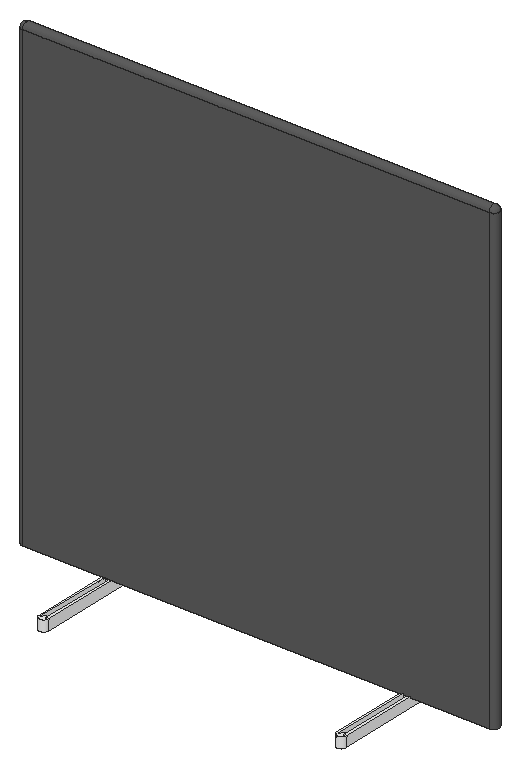
Revit family "Screen-Teknion-STSD_Full_Upholstery-R2011", category Furniture Systems, Revit 2013
Parameters (values of type "48" x 48"")
  Width = 48"  # constant formula
  Warranty = "http://www.teknionstudio.com/pdfs/Teknion%20Studio%20Warranty.pdf"
  Upholstery Finish [instance] = Fabric - Teknion - M142 - Magnify
  Unit Weight = 25.00 lbf
  URL = "www.teknionstudio.com"
  Low Emitting Material = yes
  Low Emitting Finish = yes
  Series = "Teknion Studio"
  Product Page URL = "http://teknionstudio.com/teknionstudio/"
  Product Line = "Screen"
  Product Documentation Link = "http://www.teknionstudio.com/pricing/STSD_ppg.pdf"
  Part Number = "STSD"
  Model = "STSDA4848"
  Manufacturer Phone = "919-464-2920"
  Manufacturer Fax = "919-464-2927"
  Manufacturer Email = "customersupport@teknionstudio.com"
  Manufacturer Address = "3941 US 70 Business HWY West, Clayton, NC 27520"
  Manufacturer = "Teknion Studio"  # constant formula
  Height = 48"
  Description = "Studio Screen, Full Upholstery, 48\"h x 48\"w"
  Depth = 18"  # constant formula
  Assembly Code = "E2020200"
Types (4): name | Unit Weight | Model | Height | Description
  (no name) | 25.00 lbf | "STSDA4848" | 48" | "Studio Screen, Full Upholstery, 48\"h x 48\"w"
  48" x 48" | 25.00 lbf | "STSDA4848" | 48" | "Studio Screen, Full Upholstery, 48\"h x 48\"w"
  48" x 51" | 26.00 lbf | "STSDA5148" | 51" | "Studio Screen, Full Upholstery, 51\"h x 48\"w"
  48" x 66" | 29.00 lbf | "STSDA6648" | 66" | "Studio Screen, Full Upholstery, 66\"h x 48\"w"
Reference planes (in)
  plane 1 "Center F/B": y = 0
  plane 2: z = 0
  plane 3 "Center L/R": x = 0
  plane 4 "Back": y = 9
  plane 5 "Front": y = -9
  plane 6 "Top": z = 48
  plane 7: z = 1
  plane 8 "Left": x = -24
  plane 9 "Right": x = 24
  plane 10 "R": x = 23.4685
  plane 11 "L": x = -23.4685
  plane 12 "Panel Back": y = 0.5315
  plane 13 "Panel Front": y = -0.5315
Forms (in)
  Sweep 1, solid, material "Fabric - Teknion - M142 - Magnify" <- "Upholstery Finish"
    path origin (0, -9, 0) x (1, 0, 0) y (0, 0, 1)
      loop
        line (0, 1) -> (0, 47.469)
    profile origin (0, -9, 24.2345) x (-1, 0, 0) y (0, -1, 0)
      loop
        arc (23.4685, -9.5315) -> (24, -9) -> (23.4685, -8.4685) r 0.5315
        line (23.4685, -8.4685) -> (-23.4685, -8.4685)
        arc (-23.4685, -8.4685) -> (-24, -9) -> (-23.4685, -9.5315) r 0.5315
        line (-23.4685, -9.5315) -> (23.4685, -9.5315)
  Sweep 2, solid, material "Fabric - Teknion - M142 - Magnify" <- "Upholstery Finish"
    path origin (0, 0, 15.40683) x (-1, 0, 0) y (0, -1, 0)
      loop
        line (23.4685, 0) -> (-23.4685, 0)
    profile origin (0, 0, 15.40683) x (0, 1, 0) y (0, 0, 1)
      loop
        arc (0.5315, 32.06217) -> (0, 32.59366) -> (-0.5315, 32.06217) r 0.5315
        line (-0.5315, 32.06217) -> (0.5315, 32.06217)
  Revolve 3, solid, material "Fabric - Teknion - M142 - Magnify" <- "Upholstery Finish"
    sketch origin (23.4685, 0, 0) x (0, 1, 0) y (0, 0, 1)
      loop
        line (-0.5315, 47.469) -> (0.5315, 47.469)
        arc (0.5315, 47.469) -> (0, 48.0005) -> (-0.5315, 47.469) r 0.5315
      axis (0.5315, 47.469) -> (-0.5315, 47.469)
    angle from 0 to 360
  Sweep 4, solid, material "Metal - Teknion - C6 - Chrome"
    path origin (0, -9, 0) x (1, 0, 0) y (0, 0, 1)
      loop
        line (0, 0) -> (0, 1)
    profile origin (0, -9, 0.5) x (-1, 0, 0) y (0, -1, 0)
      loop
        arc (-15.48425, -17.50025) -> (-14.98425, -18.00025) -> (-14.48425, -17.50025) r 0.5
        line (-14.48425, -17.50025) -> (-14.48425, -0.49975)
        arc (-14.48425, -0.49975) -> (-14.98425, 0.00025) -> (-15.48425, -0.49975) r 0.5
        line (-15.48425, -0.49975) -> (-15.48425, -17.50025)
      loop
        line (-15.24016, -9.53174) -> (-15.24016, -17.50025)
        arc (-15.24016, -17.50025) -> (-14.98425, -17.24434) -> (-14.72835, -17.50025) r 0.25591
        line (-14.72835, -17.50025) -> (-14.72835, -9.53174) -> (-15.24016, -9.53174)
      loop
        line (-14.72835, -8.46875) -> (-14.72835, -0.49975)
        arc (-14.72835, -0.49975) -> (-14.98425, -0.75566) -> (-15.24016, -0.49975) r 0.25591
        line (-15.24016, -0.49975) -> (-15.24016, -8.46875) -> (-14.72835, -8.46875)
      loop
        arc (14.48425, -17.50025) -> (14.98425, -18.00025) -> (15.48425, -17.50025) r 0.5
        line (15.48425, -17.50025) -> (15.48425, -0.49975)
        arc (15.48425, -0.49975) -> (14.98425, 0.00025) -> (14.48425, -0.49975) r 0.5
        line (14.48425, -0.49975) -> (14.48425, -17.50025)
      loop
        line (14.72835, -9.53174) -> (14.72835, -17.50025)
        arc (14.72835, -17.50025) -> (14.98425, -17.24434) -> (15.24016, -17.50025) r 0.25591
        line (15.24016, -17.50025) -> (15.24016, -9.53174) -> (14.72835, -9.53174)
      loop
        line (15.24016, -8.46875) -> (15.24016, -0.49975)
        arc (15.24016, -0.49975) -> (14.98425, -0.75566) -> (14.72835, -0.49975) r 0.25591
        line (14.72835, -0.49975) -> (14.72835, -8.46875) -> (15.24016, -8.46875)
  Revolve 5, solid, material "Fabric - Teknion - M142 - Magnify" <- "Upholstery Finish"
    sketch origin (-23.4685, 0, 0) x (0, 1, 0) y (0, 0, 1)
      loop
        line (-0.5315, 47.469) -> (0.5315, 47.469)
        arc (0.5315, 47.469) -> (0, 48.0005) -> (-0.5315, 47.469) r 0.5315
      axis (0.5315, 47.469) -> (-0.5315, 47.469)
    angle from 0 to 360
Cuts and joins
  joined: Sweep 1, Sweep 2, Revolve 3, Revolve 5
Lines and regions (in)
  Masking region 1
    outline origin (0, 0, 15.40683) x (-1, 0, 0) y (0, -1, 0)
      loop
        line (23.4685, 0.5315) -> (15.48425, 0.5315) -> (15.48425, 8.50025)
        arc (15.48425, 8.50025) -> (14.98425, 9.00025) -> (14.48425, 8.50025) r 0.5
        line (14.48425, 8.50025) -> (14.48425, 0.5315) -> (-14.48425, 0.5315) -> (-14.48425, 8.50025)
        arc (-14.48425, 8.50025) -> (-14.98425, 9.00025) -> (-15.48425, 8.50025) r 0.5
        line (-15.48425, 8.50025) -> (-15.48425, 0.5315) -> (-23.4685, 0.5315)
        arc (-23.4685, 0.5315) -> (-24, 0) -> (-23.4685, -0.5315) r 0.5315
        line (-23.4685, -0.5315) -> (-15.48425, -0.5315) -> (-15.48425, -8.50025)
        arc (-15.48425, -8.50025) -> (-14.98425, -9.00025) -> (-14.48425, -8.50025) r 0.5
        line (-14.48425, -8.50025) -> (-14.48425, -0.5315) -> (14.48425, -0.5315) -> (14.48425, -8.50025)
        arc (14.48425, -8.50025) -> (14.98425, -9.00025) -> (15.48425, -8.50025) r 0.5
        line (15.48425, -8.50025) -> (15.48425, -0.5315) -> (23.4685, -0.5315)
        arc (23.4685, -0.5315) -> (24, 0) -> (23.4685, 0.5315) r 0.5315
  symbolic lines, style "FurnitureSystems", detail levels medium+fine
    curve 1: line (-15.48425, 0.5315, 15.40683) -> (-14.48425, 0.5315, 15.40683)
    curve 2: line (-15.48425, -0.5315, 15.40683) -> (-14.48425, -0.5315, 15.40683)
    curve 3: line (14.48425, 0.5315, 15.40683) -> (15.48425, 0.5315, 15.40683)
    curve 4: line (14.48425, -0.5315, 15.40683) -> (15.48425, -0.5315, 15.40683)
  symbolic lines, style "FurnitureSystems", detail levels fine
    curve 5: line (-15.24016, 0.5315, 15.40683) -> (-15.24016, 8.50025, 15.40683)
    curve 6: arc (-15.24016, 8.50025, 15.40683) -> (-14.98425, 8.24434, 15.40683) -> (-14.72835, 8.50025, 15.40683) r 0.25591
    curve 7: line (-14.72835, 8.50025, 15.40683) -> (-14.72835, 0.5315, 15.40683)
    curve 8: line (-14.72835, -0.5315, 15.40683) -> (-14.72835, -8.50025, 15.40683)
    curve 9: arc (-14.72835, -8.50025, 15.40683) -> (-14.98425, -8.24434, 15.40683) -> (-15.24016, -8.50025, 15.40683) r 0.25591
    curve 10: line (-15.24016, -8.50025, 15.40683) -> (-15.24016, -0.5315, 15.40683)
    curve 11: line (14.72835, 0.5315, 15.40683) -> (14.72835, 8.50025, 15.40683)
    curve 12: arc (14.72835, 8.50025, 15.40683) -> (14.98425, 8.24434, 15.40683) -> (15.24016, 8.50025, 15.40683) r 0.25591
    curve 13: line (15.24016, 8.50025, 15.40683) -> (15.24016, 0.5315, 15.40683)
    curve 14: line (15.24016, -0.5315, 15.40683) -> (15.24016, -8.50025, 15.40683)
    curve 15: arc (15.24016, -8.50025, 15.40683) -> (14.98425, -8.24434, 15.40683) -> (14.72835, -8.50025, 15.40683) r 0.25591
    curve 16: line (14.72835, -8.50025, 15.40683) -> (14.72835, -0.5315, 15.40683)
Dimensions and locks (in)
  equal spacing: plane 4 "Back", plane 1 "Center F/B", plane 5 "Front"
  locked: plane 7 to plane 2 at 1
  "Width": plane 8 "Left" to plane 9 "Right"
  equal spacing: plane 8 "Left", plane 3 "Center L/R", plane 9 "Right"
  "Depth": plane 4 "Back" to plane 5 "Front"
  "Height": plane 6 "Top" to plane 2
  Sweep 1 sketch curve to plane 1 "Center F/B" to Sweep 1 sketch curve = 0.5315" locked, 0.5315" locked
  locked: plane 8 "Left" to Sweep 1 sketch curve at 0.5315
  locked: Sweep 1 sketch curve to plane 9 "Right" at 0.5315
  locked: plane 6 "Top" to Sweep 1 sketch curve at 0.531
  locked: Sweep 2 sketch curve to plane 9 "Right" at 0.5315
  locked: plane 8 "Left" to Sweep 2 sketch curve at 0.5315
  locked: plane 6 "Top" to Sweep 2 sketch curve at 0.531
  locked: plane 6 "Top" to Revolve 3 sketch curve at 0.531  (x3)
  locked: plane 8 "Left" to plane 11 "L" at 0.5315
  locked: plane 10 "R" to plane 9 "Right" at 0.5315
  locked: plane 6 "Top" to Revolve 5 sketch curve at 0.531  (x2)
  Masking region 1 sketch curve to Masking region 1 sketch curve to plane 9 "Right" = 1" locked, 8.51575" locked  (x2)
  plane 8 "Left" to Masking region 1 sketch curve to Masking region 1 sketch curve = 8.51575" locked, 1" locked  (x2)
  locked: plane 4 "Back" to Masking region 1 sketch curve at 0.49975  (x2)
  locked: plane 5 "Front" to Masking region 1 sketch curve at 0.49975  (x2)
  plane 8 "Left" to curve 5 to curve 7 = 8.75984" locked, 0.51181" locked
  plane 8 "Left" to curve 10 to curve 8 = 8.75984" locked, 0.51181" locked
  curve 16 to curve 14 to plane 9 "Right" = 0.51181" locked, 8.75984" locked
  curve 11 to curve 13 to plane 9 "Right" = 0.51181" locked, 8.75984" locked
  locked: plane 4 "Back" to curve 6 at 0.49975
  locked: plane 8 "Left" to curve 6 at 9.01575
  locked: plane 8 "Left" to curve 9 at 9.01575
  locked: plane 5 "Front" to curve 9 at 0.49975
  locked: plane 5 "Front" to curve 15 at 0.49975
  locked: plane 4 "Back" to curve 12 at 0.49975
  locked: curve 12 to plane 9 "Right" at 9.01575
  locked: curve 15 to plane 9 "Right" at 9.01575
  plane 8 "Left" to Sweep 4 sketch curve to Sweep 4 sketch curve = 8.51575" locked, 1" locked
  Sweep 4 sketch curve to Sweep 4 sketch curve to plane 9 "Right" = 1" locked, 8.51575" locked
  locked: plane 4 "Back" to Sweep 4 sketch curve at 0.49975  (x2)
  locked: plane 5 "Front" to Sweep 4 sketch curve at 0.49975  (x2)
  locked: plane 8 "Left" to Sweep 4 sketch curve at 9.01575  (x2)
  locked: Sweep 4 sketch curve to plane 9 "Right" at 9.01575  (x2)
  plane 13 "Panel Front" to plane 1 "Center F/B" to plane 12 "Panel Back" = 0.5315" locked, 0.5315" locked
  aligned and locked: level to plane 2
  aligned and locked: plane 3 "Center L/R" to Sweep 1 sketch curve
  aligned and locked: plane 1 "Center F/B" to Sweep 1 sketch curve  (x2)
  aligned and locked: plane 7 to Sweep 1 sketch curve
  aligned and locked: plane 1 "Center F/B" to Sweep 2 sketch curve
  aligned and locked: Sweep 2 sketch curve to plane 1 "Center F/B"
  aligned and locked: Revolve 3 sketch curve to plane 1 "Center F/B"
  aligned and locked: plane 2 to Sweep 4 sketch curve
  aligned and locked: plane 7 to Sweep 4 sketch curve
  aligned and locked: plane 3 "Center L/R" to Sweep 4 sketch curve
  aligned and locked: Revolve 5 sketch curve to plane 1 "Center F/B"
  aligned and locked: plane 11 "L" to Masking region 1 sketch curve
  aligned and locked: plane 10 "R" to Masking region 1 sketch curve
  aligned and locked: curve 1 to plane 12 "Panel Back"
  aligned and locked: plane 13 "Panel Front" to curve 2
  aligned and locked: curve 3 to plane 12 "Panel Back"
  aligned and locked: plane 13 "Panel Front" to curve 4
  aligned and locked: plane 12 "Panel Back" to Masking region 1 sketch curve  (x3)
  aligned and locked: plane 13 "Panel Front" to Masking region 1 sketch curve  (x3)
  aligned and locked: Sweep 4 to curve 4  (x2)
  aligned and locked: Sweep 4 to curve 3  (x2)
  aligned and locked: Sweep 4 to curve 2  (x2)
  aligned and locked: Sweep 4 to curve 1  (x2)
Automatic sketch dimensions
  profile plane to Sweep 2 sketch curve = 0.5315"
  plane 1 "Center F/B" to Revolve 3 sketch curve = 0.5315"
  Revolve 3 sketch curve to Revolve 3 sketch curve = 0"  (x2)
  plane 1 "Center F/B" to Revolve 5 sketch curve = 0.5315"
  Revolve 5 sketch curve to Revolve 5 sketch curve = 0"  (x2)
  Sweep 4 sketch curve to Sweep 4 sketch curve = 0"  (x5)
  Sweep 4 sketch curve to Sweep 4 sketch curve = 0.24409"  (x4)
  Sweep 4 sketch curve to Sweep 4 sketch curve = 1.06299"  (x2)
  Sweep 4 sketch curve to Sweep 4 sketch curve = 7.9685"  (x2)
